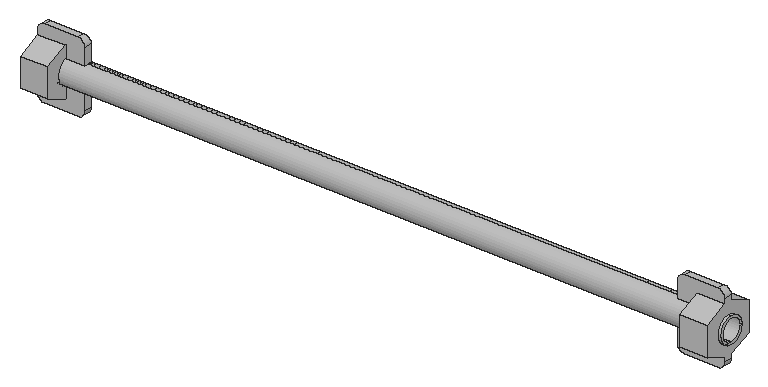
Revit family "BIM_01-1920-00", category Plumbing Fixtures, host Face, Revit 2026
Family settings
  Host = Face
  Round Connector Dimension = Use Diameter
  Part Type = Normal
  Classification Number = 23.31.11.00
  Enable Cutting in Views = No
  Cut with Voids When Loaded = No
  Maintain Annotation Orientation = No
  Shared = No
  Room Calculation Point = No
Parameters (values of type "01-1920-00")
  Waste Water Outlet = ""
  Vida Util = "100000 CICLOS"
  Tipo de Uso = "Domestico"
  Temperaturas de trabajo = "DE 5° A 71°"
  Sitio web = "https://www.gricol.com/"
  Resistencia a Corrosión = "NTC 1156 Sal Neutral"
  Referente Normativo = "NTC 5441, ASME A112.18.6 / CSA B125.6"
  Presión de Estaiildo = 250.00 psi
  Presión Mínima = 20.00 psi
  Presión Maxima = 125.00 psi
  Plastico = Plástico
  Materiales del producto = "ABS, Latón, Acetal, Caucho"
  Largo = 400.00 mm
  Garantia Especifica = "20 AÑOS"
  Empaque-Alto = 40.70 mm
  Empaque-Profundidad = 27.30 mm
  Empaque-Ancho = 29.20 mm
  Diametro nominal = "5,5 mm"
  Diametro = 12.70 mm
  Waste Connection = 1 = 0  # no
  Vent Connection = 1 = 0  # no
  URL = "https://www.gricol.com/products/conector-lavamanos-o-lavaplatos"
  Type Image = CONECTOR LAVAMANOS(PLATOS) H-H ½” X ½”.jpg
  Product Name = "Conector Lavamanos O Lavaplatos 40 Cm"  # constant formula
  Model = "01-1920-00 "  # constant formula
  Manufacturer = "Gricol"  # constant formula
  Link Ficha Tecnica = "https://infotecnica.gricol.com/FT_01192000_01192815_01192915.pdf"
  HW Connection = 1 = 1  # yes
  Description = "Accesorio"  # constant formula
  Default Elevation = 0.00 mm
  Date Modified = "22/08/2025"  # constant formula
  Date Created = "05/28/2020"  # constant formula
  Copyright = "All rights reserved © Gricol - 2025."  # constant formula
  Conexiones = "Rosca hembra ½” NPT"
  CW Connection = 1 = 1  # yes
  Assembly Code = ""
Reference planes
  plane 1 "Center (Front/Back)": y = 1.084
  plane 2: z = 0
  plane 3 "Center (Left/Right)": x = 4.362
  plane 4: x = 204.362
  plane 5: x = -195.638
  plane 6: x = 202.362
  plane 7: x = 175.062
  plane 8: z = 40.7
  plane 9: y = 15.684
  plane 10: y = -13.516
  plane 11: z = 26.7
  plane 12: z = 14
Dimensions and locks
  equal spacing: plane 5, plane 3 "Center (Left/Right)", plane 4
  "Largo": plane 5 to plane 4
  "Empaque-Profundidad": plane 7 to plane 6
  "Empaque-Alto": level to plane 8
  "Empaque-Ancho": plane 9 to plane 10
  "Diametro": plane 11 to plane 12
  aligned and locked: plane 2 to host face
  aligned and locked: level to host face
Automatic sketch dimensions
  host sketch curve to host sketch curve = 424.871 mm
  host sketch curve to host sketch curve = 115.193 mm
Nested families
  nested 1: "CONECTOR LAVAMANOS(PLATOS) H-H ½” X ½”" at (4.362, 1.084, 0), type "CONECTOR LAVAMANOS(PLATOS) H-H ½” X ½”"
Definition of nested family "CONECTOR LAVAMANOS(PLATOS) H-H ½” X ½”"
  Parameters (values of type "CONECTOR LAVAMANOS(PLATOS) H-H ½” X ½”")
    Plastico = none
    Largo = 400.00 mm
    Default Elevation = 0.00 mm
  Reference planes
    plane 1 "Center (Front/Back)": y = 0
    plane 2: z = 0
    plane 3 "Center (Left/Right)": x = 0
    plane 4: x = -200
    plane 5: y = 14.6
    plane 6: y = -14.6
    plane 7: z = 40.7
    plane 8: x = 200
    plane 9: z = 40.7
    plane 10: z = 40.7
    plane 11: x = 198
    plane 12: x = 170.7
    plane 13: x = -198
    plane 14: z = 34.95
    plane 15: z = 34.95
  Forms (mm)
    Extrusion 1, solid, material <- "Plastico"
      sketch origin (-209.648, -14.487, 1215.54) x (-1, 0, 0) y (0, 0, -1)
        loop
          line (-380.348, 1178.84) -> (-380.348, 1188.391) -> (-407.648, 1188.391) -> (-407.648, 1178.84)
          arc (-407.648, 1178.84) -> (-406.476, 1176.012) -> (-403.648, 1174.84) r 4
          line (-403.648, 1174.84) -> (-384.348, 1174.84)
          arc (-384.348, 1174.84) -> (-381.519, 1176.012) -> (-380.348, 1178.84) r 4
        loop
          arc (-403.648, 1215.54) -> (-406.476, 1214.369) -> (-407.648, 1211.54) r 4
          line (-407.648, 1211.54) -> (-407.648, 1201.951) -> (-380.348, 1201.951) -> (-380.348, 1211.54)
          arc (-380.348, 1211.54) -> (-381.519, 1214.369) -> (-384.348, 1215.54) r 4
          line (-384.348, 1215.54) -> (-403.648, 1215.54)
      from -16.593 to -12.421
    Extrusion 2, solid, material <- "Plastico"
      sketch origin (209.648, -14.487, 1215.54) x (1, 0, 0) y (0, 0, 1)
        loop
          arc (-380.348, -1178.84) -> (-381.519, -1176.012) -> (-384.348, -1174.84) r 4
          line (-384.348, -1174.84) -> (-403.648, -1174.84)
          arc (-403.648, -1174.84) -> (-406.476, -1176.012) -> (-407.648, -1178.84) r 4
          line (-407.648, -1178.84) -> (-407.648, -1188.391) -> (-380.348, -1188.391) -> (-380.348, -1178.84)
        loop
          line (-403.648, -1215.54) -> (-384.348, -1215.54)
          arc (-384.348, -1215.54) -> (-381.519, -1214.369) -> (-380.348, -1211.54) r 4
          line (-380.348, -1211.54) -> (-380.348, -1201.951) -> (-407.648, -1201.951) -> (-407.648, -1211.54)
          arc (-407.648, -1211.54) -> (-406.476, -1214.369) -> (-403.648, -1215.54) r 4
      from -16.593 to -12.421
    Sweep 3, solid, material <- "Plastico"
      path origin (0, 0, 0) x (1, 0, 0) y (0, 0, 1)
        loop
          line (-200, 20.02) -> (200, 20.02)
      profile origin (0, 0, 20.02) x (0, 0, 1) y (0, -1, 0)
        loop
          circle (0.33, 0) r 6.35
        loop
          circle (0.33, 0) r 7.35
    Extrusion 4, solid, material <- "Plastico"
      sketch origin (198, -4572, -7.946) x (0, 0, -1) y (0, 1, 0)
        loop
          line (-13.696, 4572) -> (-19.866, 4586.6) -> (-36.725, 4586.6) -> (-42.896, 4572) -> (-36.094, 4557.4) -> (-19.866, 4557.4) -> (-13.696, 4572)
        loop
          circle (-28.296, 4572) r 7.35
      from -16 to 0
    Extrusion 5, solid, material <- "Plastico"
      sketch origin (-198, -4572, 45.91) x (0, 0, 1) y (0, 1, 0)
        loop
          line (-40.16, 4572) -> (-33.989, 4557.4) -> (-17.761, 4557.4) -> (-10.96, 4572) -> (-17.131, 4586.6) -> (-33.989, 4586.6) -> (-40.16, 4572)
        loop
          circle (-25.56, 4572) r 7.35
      from -16 to 0
  Cuts and joins
    joined: Extrusion 2, Extrusion 5
    joined: Extrusion 1, Extrusion 4
  Dimensions and locks
    plane 5 to plane 6 = 29.20 mm
    plane 7 to level = 40.70 mm  (x2)
    equal spacing: plane 8, plane 3 "Center (Left/Right)", plane 4
    "Largo": plane 8 to plane 4
    locked: plane 11 to plane 12 at 27.3
    plane 9 to level = 40.70 mm
    locked: plane 11 to plane 8 at 2
    locked: plane 13 to plane 4 at 2
    Extrusion 4 sketch curve to Extrusion 4 sketch curve = 29.20 mm
    Extrusion 5 sketch curve to Extrusion 5 sketch curve = 29.20 mm
    aligned and locked: plane 2 to level
  Automatic sketch dimensions
    plane 11 to Extrusion 1 sketch curve = 0.00 mm  (x2)
    Extrusion 1 sketch curve to level = 0.00 mm
    Extrusion 1 sketch curve to plane 7 = 0.00 mm
    Extrusion 1 sketch curve to plane 12 = 0.00 mm  (x2)
    Extrusion 1 sketch curve to Extrusion 1 sketch curve = 4.00 mm
    Extrusion 1 sketch curve to plane 11 = 4.00 mm
    Extrusion 1 sketch curve to level = 4.00 mm
    Extrusion 1 sketch curve to plane 12 = 4.00 mm
    Extrusion 1 sketch curve to Extrusion 1 sketch curve = 9.589 mm
    Extrusion 1 sketch curve to Extrusion 1 sketch curve = 9.551 mm
    Extrusion 2 sketch curve to plane 13 = 0.00 mm  (x2)
    Extrusion 2 sketch curve to level = 0.00 mm
    Extrusion 2 sketch curve to plane 7 = 0.00 mm
    Extrusion 2 sketch curve to Extrusion 2 sketch curve = 4.00 mm  (x2)
    plane 13 to Extrusion 2 sketch curve = 4.00 mm
    level to Extrusion 2 sketch curve = 4.00 mm
    Extrusion 2 sketch curve to Extrusion 2 sketch curve = 19.30 mm  (x2)
    Extrusion 2 sketch curve to Extrusion 2 sketch curve = 9.589 mm
    Extrusion 2 sketch curve to Extrusion 2 sketch curve = 9.551 mm
    Sweep 3 sketch curve to plane 4 = 0.00 mm
    Sweep 3 sketch curve to plane 8 = 0.00 mm
    level to Sweep 3 sketch curve = 20.02 mm
    Sweep 3 sketch curve to Sweep 3 sketch curve = 0.00 mm  (x2)
    Sweep 3 sketch curve to plane 1 "Center (Front/Back)" = 0.00 mm
    Sweep 3 sketch curve to profile plane = 0.33 mm
    Extrusion 4 sketch curve to plane 1 "Center (Front/Back)" = 0.00 mm  (x3)
    Extrusion 4 sketch curve to plane 14 = 0.00 mm
    Extrusion 4 sketch curve to plane 5 = 0.00 mm
    Extrusion 4 sketch curve to plane 14 = 6.171 mm
    Extrusion 4 sketch curve to plane 14 = 6.801 mm
    Extrusion 4 sketch curve to plane 14 = 14.60 mm
    level to Extrusion 4 sketch curve = 11.921 mm  (x2)
    level to Extrusion 4 sketch curve = 5.75 mm
    Extrusion 5 sketch curve to plane 1 "Center (Front/Back)" = 0.00 mm  (x3)
    Extrusion 5 sketch curve to plane 5 = 0.00 mm
    Extrusion 5 sketch curve to plane 15 = 0.00 mm
    Extrusion 5 sketch curve to plane 15 = 6.171 mm
    Extrusion 5 sketch curve to plane 15 = 6.801 mm
    Extrusion 5 sketch curve to Extrusion 5 sketch curve = 14.60 mm
    level to Extrusion 5 sketch curve = 11.921 mm  (x2)
    level to Extrusion 5 sketch curve = 5.75 mm
    radius of Sweep 3 sketch curve = 6.35 mm
    radius of Sweep 3 sketch curve = 7.35 mm
    radius of Extrusion 4 sketch curve = 7.35 mm
    radius of Extrusion 5 sketch curve = 7.35 mm
